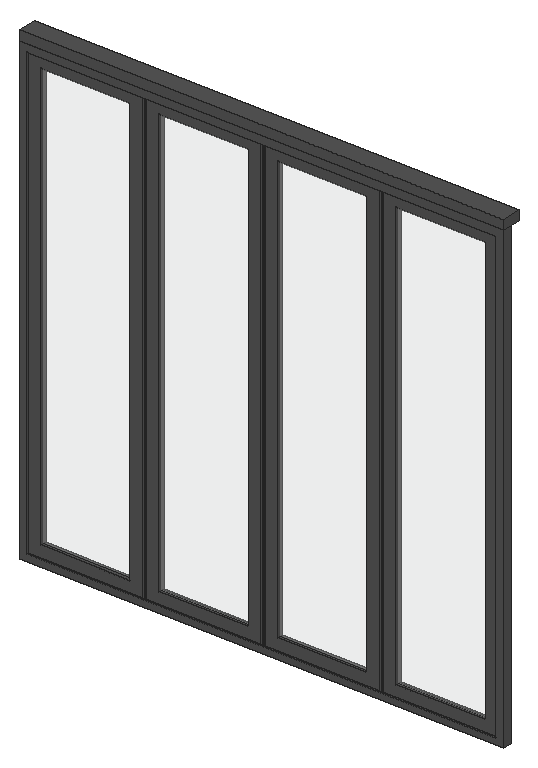
Revit family "Door_Fixed Panel_The Sliding Door Company_4-Panel Fixed (Open-Air)", category Doors, host Wall, Revit 2019
Family settings
  Host = Wall
  OmniClass Number = 23.30.10.00
  OmniClass Title = Doors
  Always vertical = Yes
  Cut with Voids When Loaded = No
  Shared = No
  Room Calculation Point = No
Parameters (values of type "4 Fixed Panels with 2x4 Beam (Open-Air)")
  URL = "https://www.slidingdoorco.com"
  Thickness = 1 1/4"  # constant formula
  Rough Width = Finished Opening or Order Width + 5/8" * 2  # 101 1/4"
  Rough Height = Finished Opening Height + 5/8"  # 96 5/8"
  Panel Width = (Width - 2") / 4  # 24 1/2"
  Panel Height = Height - 1 1/2"  # 94 1/2"
  Overall System Height = Finished Opening Height + 2"  # 98"
  Model = "Fixed Panel System (Open-Air)"  # constant formula
  Manufacturer = "The Sliding Door Company"  # constant formula
  Limitations = "Panel Width x System Height cannot exceed 7,400 square inches"  # constant formula
  Glass Thickness = "Available in: 5mm Tempered, 7mm,10mm,11mm Laminated Glass"  # constant formula
  Glass Material [instance] = TSDC - Glass - Clear
  Function = Interior
  Height = if(Finished Opening Height > 122", 122", Finished Opening Height)  # 96"
  Wall Closure = By host
  Width = if(Finished Opening or Order Width > 210", 210", Finished Opening or Order Width)  # 100"
  Stile and Rail = 3"
  Fire Rating = "N/A"  # constant formula
  Finished Opening or Order Width = 100"
  Finished Opening Height = 96"
  Door Casing Material [instance] = TSDC - Casing/Upper Track - Powder Coated Black
  Description = "4 Fixed Panel System"  # constant formula
  Contact The Sliding Door Company = "https://www.slidingdoorco.com/contact"
  Construction Type = "Fixed Panel System,Mounted to 2x4 Beam"  # constant formula
  Analytic Construction = "<None>"
  3" Frame (No Support Dividers) = "Max. H=122 in., Max. W=210 in. (52 in. panel width)"  # constant formula
  1 1/2" Frame (No Support Dividers) = "Max. H=108 in., Max. W=202 in. (50 in. panel width)"  # constant formula
Reference planes (in)
  plane 1 "Center (Front/Back)": y = 0
  plane 2 "Center (Left/Right)": x = 0
  plane 3 "Top": z = 96
  plane 4 "Exterior": y = 6
  plane 5 "Interior": y = -6
  plane 6 "2": z = 94.375
  plane 7 "3": z = 95.25
  plane 8: y = -0.67851
  plane 9: x = -50
  plane 10: x = 50
  plane 11: x = 49
  plane 12: x = -49
  plane 13: x = -24.5
  plane 14: x = 24.5
  plane 15 "4": z = 98
  plane 16: z = 0.75
Forms (in)
  Extrusion 1, solid, material "TSDC - Casing/Upper Track - Powder Coated Black" <- "Door Casing Material"
    sketch origin (40.75888, -1.3998, 0) x (-1, 0, 0) y (0, 0, -1)
      loop
        line (89.75888, -95.25) -> (89.75888, -0.75) -> (65.25888, -0.75) -> (65.25888, -95.25) -> (89.75888, -95.25)
      loop
        line (86.75888, -92.25) -> (86.75888, -3.75) -> (68.25888, -3.75) -> (68.25888, -92.25) -> (86.75888, -92.25)
    from 3 to 4.25
  Extrusion 2, solid, material "TSDC - Glass - Clear" <- "Glass Material"
    sketch origin (40.75888, -1.8998, 0) x (-1, 0, 0) y (0, 0, -1)
      loop
        line (86.75888, -92.25) -> (86.75888, -3.75) -> (68.25888, -3.75) -> (68.25888, -92.25) -> (86.75888, -92.25)
    from 3 to 3.25
  Extrusion 3, solid, material "TSDC - Casing/Upper Track - Powder Coated Black" <- "Door Casing Material"
    sketch origin (15.93339, -2.06132, 0) x (1, 0, 0) y (0, 1, 0)
      loop
        line (-40.52714, -3.58848) -> (-40.80839, -3.58848) -> (-40.80839, -3.62754) -> (-40.05839, -3.62754) -> (-40.05839, -3.58848) -> (-40.33964, -3.58848) -> (-40.33964, -2.33848) -> (-40.05839, -2.33848) -> (-40.05839, -2.29942) -> (-40.80839, -2.29942) -> (-40.80839, -2.33848) -> (-40.52714, -2.33848) -> (-40.52714, -3.58848)
    from 0.75 to 95.25
  Sweep 4, solid, material "TSDC - Casing/Upper Track - Powder Coated Black" <- "Door Casing Material"
    path origin (0, 0, 0) x (1, 0, 0) y (0, 0, 1)
      loop
        line (50, 96) -> (-50, 96) -> (-50, 0) -> (50, 0) -> (50, 96)
    profile origin (0, 0, 96) x (0, 0, -1) y (0, -1, 0)
      loop
        line (0, 6) -> (0, 4.0248) -> (1.5, 4.0248) -> (1.5, 4.36074) -> (0.0625, 4.36074) -> (0.0625, 5.68886) -> (1.5, 5.68886) -> (1.5, 6) -> (0, 6)
  Extrusion 5, solid, material "TSDC - Casing/Upper Track - Powder Coated Black" <- "Door Casing Material"
    sketch origin (79.75888, -1.3998, 0) x (-1, 0, 0) y (0, 0, -1)
      loop
        line (104.25888, -95.25) -> (104.25888, -0.75) -> (79.75888, -0.75) -> (79.75888, -95.25) -> (104.25888, -95.25)
      loop
        line (101.25888, -92.25) -> (101.25888, -3.75) -> (82.75888, -3.75) -> (82.75888, -92.25) -> (101.25888, -92.25)
    from 3 to 4.25
  Extrusion 6, solid, material "TSDC - Glass - Clear" <- "Glass Material"
    sketch origin (79.75888, -1.8998, 0) x (-1, 0, 0) y (0, 0, -1)
      loop
        line (101.25888, -92.25) -> (101.25888, -3.75) -> (82.75888, -3.75) -> (82.75888, -92.25) -> (101.25888, -92.25)
    from 3 to 3.25
  Extrusion 7, solid, material "TSDC - Casing/Upper Track - Powder Coated Black" <- "Door Casing Material"
    sketch origin (118.75888, -1.3998, 0) x (-1, 0, 0) y (0, 0, -1)
      loop
        line (118.75888, -95.25) -> (118.75888, -0.75) -> (94.25888, -0.75) -> (94.25888, -95.25) -> (118.75888, -95.25)
      loop
        line (115.75888, -92.25) -> (115.75888, -3.75) -> (97.25888, -3.75) -> (97.25888, -92.25) -> (115.75888, -92.25)
    from 3 to 4.25
  Extrusion 8, solid, material "TSDC - Glass - Clear" <- "Glass Material"
    sketch origin (118.75888, -1.8998, 0) x (-1, 0, 0) y (0, 0, -1)
      loop
        line (115.75888, -92.25) -> (115.75888, -3.75) -> (97.25888, -3.75) -> (97.25888, -92.25) -> (115.75888, -92.25)
    from 3 to 3.25
  Extrusion 9, solid, material "TSDC - Casing/Upper Track - Powder Coated Black" <- "Door Casing Material"
    sketch origin (157.75888, -1.3998, 0) x (-1, 0, 0) y (0, 0, -1)
      loop
        line (133.25888, -95.25) -> (133.25888, -0.75) -> (108.75888, -0.75) -> (108.75888, -95.25) -> (133.25888, -95.25)
      loop
        line (130.25888, -92.25) -> (130.25888, -3.75) -> (111.75888, -3.75) -> (111.75888, -92.25) -> (130.25888, -92.25)
    from 3 to 4.25
  Extrusion 10, solid, material "TSDC - Glass - Clear" <- "Glass Material"
    sketch origin (157.75888, -1.8998, 0) x (-1, 0, 0) y (0, 0, -1)
      loop
        line (130.25888, -92.25) -> (130.25888, -3.75) -> (111.75888, -3.75) -> (111.75888, -92.25) -> (130.25888, -92.25)
    from 3 to 3.25
  Extrusion 11, solid, material "TSDC - Casing/Upper Track - Powder Coated Black" <- "Door Casing Material"
    sketch origin (0, 0, 0) x (0, 1, 0) y (0, 0, 1)
      loop
        line (-6, 98) -> (-6, 96) -> (-2, 96) -> (-2, 98) -> (-6, 98)
    from -50 to 50
  Extrusion 12, solid, material "TSDC - Casing/Upper Track - Powder Coated Black" <- "Door Casing Material"
    sketch origin (67.93339, -2.06132, 0) x (1, 0, 0) y (0, 1, 0)
      loop
        line (-68.02714, -3.58848) -> (-68.30839, -3.58848) -> (-68.30839, -3.62754) -> (-67.55839, -3.62754) -> (-67.55839, -3.58848) -> (-67.83964, -3.58848) -> (-67.83964, -2.33848) -> (-67.55839, -2.33848) -> (-67.55839, -2.29942) -> (-68.30839, -2.29942) -> (-68.30839, -2.33848) -> (-68.02714, -2.33848) -> (-68.02714, -3.58848)
    from 0.75 to 95.25
  Extrusion 13, solid, material "TSDC - Casing/Upper Track - Powder Coated Black" <- "Door Casing Material"
    sketch origin (119.93339, -2.06132, 0) x (1, 0, 0) y (0, 1, 0)
      loop
        line (-95.52714, -3.58848) -> (-95.80839, -3.58848) -> (-95.80839, -3.62754) -> (-95.05839, -3.62754) -> (-95.05839, -3.58848) -> (-95.33964, -3.58848) -> (-95.33964, -2.33848) -> (-95.05839, -2.33848) -> (-95.05839, -2.29942) -> (-95.80839, -2.29942) -> (-95.80839, -2.33848) -> (-95.52714, -2.33848) -> (-95.52714, -3.58848)
    from 0.75 to 95.25
Lines and regions (in)
  Opening 1
    outline origin (-60, -6, 0) x (1, 0, 0) y (0, 0, 1)
      loop
        line (110, 0) -> (110, 98) -> (10, 98) -> (10, 0) -> (110, 0)
  model lines, not visible
    curve 1: line (-29.8125, -2.71348, 0) -> (-29.8125, -1.28652, 0)
    curve 2: line (-28.3125, -3, 0) -> (-29.8125, -3, 0)
    curve 3: line (-29.23047, -1.28652, 0) -> (-29.8125, -1.28652, 0)
    curve 4: line (-29.75, -2.65098, 0) -> (-29.75, -1.34902, 0)
    curve 5: line (-29.23047, -1.07167, 0) -> (-29.23047, -1.28652, 0)
    curve 6: line (-29.16797, -1.07167, 0) -> (-29.23047, -1.07167, 0)
    curve 7: line (-29.16797, -1.28652, 0) -> (-29.16797, -1.07167, 0)
    curve 8: line (-28.42188, -1.07167, 0) -> (-28.42188, -1.28652, 0)
    curve 9: line (-28.35938, -1.34902, 0) -> (-28.35938, -1.07167, 0)
    curve 10: line (-28.42188, -1.28652, 0) -> (-29.16797, -1.28652, 0)
    curve 11: line (-28.35938, -1.07167, 0) -> (-28.42188, -1.07167, 0)
    curve 12: line (-28.35938, -1.34902, 0) -> (-29.75, -1.34902, 0)
    curve 13: line (-29.23047, -2.71348, 0) -> (-29.8125, -2.71348, 0)
    curve 14: line (-29.23047, -2.92833, 0) -> (-29.23047, -2.71348, 0)
    curve 15: line (-29.16797, -2.92833, 0) -> (-29.23047, -2.92833, 0)
    curve 16: line (-29.16797, -2.71348, 0) -> (-29.16797, -2.92833, 0)
    curve 17: line (-28.42188, -2.92833, 0) -> (-28.42188, -2.71348, 0)
    curve 18: line (-28.35938, -2.65098, 0) -> (-28.35938, -2.92833, 0)
    curve 19: line (-28.42188, -2.71348, 0) -> (-29.16797, -2.71348, 0)
    curve 20: line (-28.35938, -2.92833, 0) -> (-28.42188, -2.92833, 0)
    curve 21: line (-28.35938, -2.65098, 0) -> (-29.75, -2.65098, 0)
    curve 22: line (-28.3125, -1.0248, 0) -> (-29.8125, -1.0248, 0)
    curve 23: line (-29.8125, -1.0248, 0) -> (-29.8125, -1.2748, 0)
    curve 24: line (-29.8125, -1.2748, 0) -> (29.8125, -1.2748, 0)
    curve 25: line (-29.77734, -1.2748, 0) -> (-29.77734, -1.05996, 0)
    curve 26: line (-29.24219, -1.2748, 0) -> (-29.24219, -1.05996, 0)
    curve 27: line (-29.27734, -1.05996, 0) -> (-29.27734, -1.2748, 0)
    curve 28: line (-29.77734, -1.05996, 0) -> (-28.34766, -1.05996, 0)
    curve 29: line (-28.34766, -1.05996, 0) -> (-28.34766, -1.34902, 0)
    curve 30: line (-28.3125, -1.34902, 0) -> (-28.3125, -1.0248, 0)
    curve 31: line (-28.34766, -1.34902, 0) -> (-28.3125, -1.34902, 0)
Text (in)
  text "Exterior" at (-165.54235, 27.31104, 0), in view "Ref. Level"
  text "Interior" at (-165.54235, -25.14366, 0), in view "Ref. Level"
  text "Exterior" at (0, 40.15149, 123.01588), in view "Right"
  text "Interior" at (0, -64.39139, 123.01588), in view "Right"
  text "Interior" at (0, -31.01599, 123.00693), in view "Left"
  text "Exterior" at (0, 54.57065, 123.00693), in view "Left"
Dimensions and locks (in)
  "Height": level to plane 3 "Top"
  locked: plane 6 "2" to plane 3 "Top" at 1.625
  locked: plane 7 "3" to plane 3 "Top" at 0.75
  "Stile and Rail": Extrusion 1 to Extrusion 1  (x4)
  "Width": plane 9 to plane 10
  locked: plane 9 to plane 12 at 1
  locked: plane 11 to plane 10 at 1
  locked: Extrusion 1 to Extrusion 1 at 1.25
  Sweep 4 to Sweep 4 to Sweep 4 to Sweep 4 = 43/128" locked, 1 21/64" locked, 0.31114" locked
  equal spacing: plane 12, plane 13, plane 2 "Center (Left/Right)", plane 14, plane 11
  "Stile and Rail": Extrusion 5 to Extrusion 5  (x4)
  locked: Extrusion 5 to Extrusion 5 at 1.25
  "Stile and Rail": Extrusion 7 to Extrusion 7  (x4)
  locked: Extrusion 7 to Extrusion 7 at 1.25
  "Stile and Rail": Extrusion 9 to Extrusion 9  (x4)
  locked: Extrusion 9 to Extrusion 9 at 1.25
  plane 5 "Interior" to Extrusion 3 to Extrusion 3 to Extrusion 3 to Extrusion 3 = 0.31114" locked, 5/128" locked, 1 1/4" locked, 5/128" locked
  plane 5 "Interior" to Extrusion 9 to Extrusion 9 = 0.3502", 1 1/4" locked
  plane 5 "Interior" to Extrusion 1 to Extrusion 1 = 0.3502" locked, 1 1/4" locked
  plane 5 "Interior" to Extrusion 5 to Extrusion 5 = 0.3502" locked, 1 1/4" locked
  plane 5 "Interior" to Extrusion 7 to Extrusion 7 = 0.3502" locked, 1 1/4" locked
  plane 5 "Interior" to Extrusion 9 to Extrusion 9 = 0.3502" locked, 1 1/4" locked
  plane 5 "Interior" to Extrusion 10 to Extrusion 10 = 0.8502" locked, 1/4" locked
  plane 5 "Interior" to Extrusion 8 to Extrusion 8 = 0.8502" locked, 1/4" locked
  plane 5 "Interior" to Extrusion 6 to Extrusion 6 = 0.8502" locked, 1/4" locked
  plane 5 "Interior" to Extrusion 2 to Extrusion 2 = 0.8502" locked, 1/4" locked
  locked: plane 3 "Top" to plane 15 "4" at 2
  locked: Extrusion 11 to plane 5 "Interior" at 4
  Extrusion 12 to Extrusion 12 to Extrusion 12 to Extrusion 12 = 5/128" locked, 1 1/4" locked, 5/128" locked
  Extrusion 13 to Extrusion 13 to Extrusion 13 to Extrusion 13 = 5/128" locked, 1 1/4" locked, 5/128" locked
  aligned and locked: plane 4 "Exterior" to host wall
  aligned and locked: host wall to plane 5 "Interior"
  aligned and locked: Extrusion 3 to plane 7 "3"
  aligned and locked: plane 10 to Opening 1 sketch curve
  aligned and locked: Sweep 4 sketch curve to host wall
  aligned and locked: host wall to Sweep 4 sketch curve  (x2)
  aligned and locked: profile plane to Sweep 4 sketch curve
  aligned and locked: Extrusion 3 to Sweep 4 sketch curve
  aligned and locked: Sweep 4 sketch curve to Extrusion 3
  aligned and locked: Extrusion 2 to Extrusion 1  (x4)
  aligned and locked: Extrusion 6 to Extrusion 5  (x4)
  aligned and locked: Extrusion 8 to Extrusion 7  (x4)
  aligned and locked: Extrusion 10 to Extrusion 9  (x4)
  aligned and locked: plane 15 "4" to Extrusion 11 sketch curve
  aligned and locked: plane 5 "Interior" to Extrusion 11 sketch curve
  aligned and locked: plane 3 "Top" to Extrusion 11 sketch curve
  aligned and locked: plane 15 "4" to Opening 1 sketch curve
  aligned and locked: Extrusion 11 to host wall
  aligned and locked: host wall to Extrusion 11
  aligned and locked: Extrusion 13 to plane 7 "3"
  aligned and locked: Extrusion 12 to plane 7 "3"
  aligned and locked: Extrusion 11 to plane 9
  aligned and locked: Extrusion 1 to plane 16
  aligned and locked: Extrusion 3 to Extrusion 1
  aligned and locked: Extrusion 5 to Extrusion 1
  aligned and locked: Extrusion 12 to Extrusion 1
  aligned and locked: Extrusion 7 to Extrusion 1
  aligned and locked: Extrusion 13 to Extrusion 1
  aligned and locked: Extrusion 9 to Extrusion 1
Automatic sketch dimensions
  curve 24 to curve 1 = 0"
  curve 2 to curve 1 = 0"
  curve 22 to curve 28 = 9/256"
  curve 1 to curve 4 = 1/16"
  curve 4 to curve 14 = 133/256"
  curve 4 to curve 3 = 133/256"
  curve 3 to curve 10 = 1/16"
  curve 13 to curve 16 = 1/16"
  curve 16 to curve 19 = 191/256"
  curve 6 to curve 8 = 191/256"
  curve 17 to curve 18 = 1/16"
  curve 8 to curve 12 = 1/16"
  curve 18 to curve 2 = 3/64"
  curve 2 to curve 20 = 0.07167"
  curve 2 to curve 16 = 0.07167"
  curve 15 to curve 16 = 55/256"
  curve 14 to curve 16 = 0"
  curve 17 to curve 21 = 1/16"
  curve 18 to curve 12 = 1.30196"
  curve 9 to curve 10 = 1/16"
  curve 5 to curve 7 = 0"
  curve 1 to curve 24 = 3/256"
  curve 26 to curve 5 = 13/64"
  curve 8 to curve 11 = 55/256"
  curve 25 to curve 28 = 55/256"
  curve 25 to curve 22 = 9/256"
  curve 27 to curve 5 = 3/64"
  curve 26 to curve 5 = 3/256"
  curve 9 to curve 29 = 3/256"
  curve 28 to curve 31 = 9/256"
  curve 28 to curve 24 = 58 41/256"
  curve 9 to curve 30 = 0"
  Extrusion 1 sketch curve to plane 7 "3" = 0"
  Extrusion 1 sketch curve to plane 13 = 0"
  Extrusion 1 sketch curve to plane 12 = 0"
  Extrusion 1 sketch curve to plane 13 = 3"
  plane 12 to Extrusion 1 sketch curve = 3"
  plane 6 "2" to Extrusion 1 sketch curve = 2 1/8"
  Extrusion 2 sketch curve to plane 13 = 3"
  plane 12 to Extrusion 2 sketch curve = 3"
  plane 6 "2" to Extrusion 2 sketch curve = 2 1/8"
  Extrusion 3 sketch curve to plane 13 = 3/8"  (x2)
  Extrusion 3 sketch curve to plane 13 = 3/32"
  plane 13 to Extrusion 3 sketch curve = 3/32"
  Extrusion 3 sketch curve to Extrusion 3 sketch curve = 9/32"  (x2)
  Extrusion 3 sketch curve to host wall = 0.31114"
  Extrusion 3 sketch curve to Extrusion 3 sketch curve = 5/128"  (x3)
  Extrusion 3 sketch curve to Extrusion 3 sketch curve = 1 1/4"
  Extrusion 3 sketch curve to Extrusion 3 sketch curve = 0"
  Opening 1 sketch curve to level = 0"
  Opening 1 sketch curve to plane 9 = 0"
  Sweep 4 sketch curve to level = 0"
  Sweep 4 sketch curve to plane 3 "Top" = 0"
  Sweep 4 sketch curve to profile plane = 1/16"
  Sweep 4 sketch curve to Sweep 4 sketch curve = 1 7/16"
  Sweep 4 sketch curve to Sweep 4 sketch curve = 0"
  Sweep 4 sketch curve to Sweep 4 sketch curve = 43/128"
  Extrusion 5 sketch curve to plane 2 "Center (Left/Right)" = 0"
  Extrusion 5 sketch curve to plane 7 "3" = 0"
  Extrusion 5 sketch curve to plane 13 = 0"
  Extrusion 5 sketch curve to plane 2 "Center (Left/Right)" = 3"
  plane 13 to Extrusion 5 sketch curve = 3"
  plane 6 "2" to Extrusion 5 sketch curve = 2 1/8"
  Extrusion 6 sketch curve to plane 2 "Center (Left/Right)" = 3"
  plane 13 to Extrusion 6 sketch curve = 3"
  plane 6 "2" to Extrusion 6 sketch curve = 2 1/8"
  Extrusion 7 sketch curve to plane 7 "3" = 0"
  Extrusion 7 sketch curve to plane 14 = 0"
  Extrusion 7 sketch curve to plane 2 "Center (Left/Right)" = 0"
  Extrusion 7 sketch curve to plane 14 = 3"
  plane 2 "Center (Left/Right)" to Extrusion 7 sketch curve = 3"
  plane 6 "2" to Extrusion 7 sketch curve = 2 1/8"
  Extrusion 8 sketch curve to plane 14 = 3"
  plane 2 "Center (Left/Right)" to Extrusion 8 sketch curve = 3"
  plane 6 "2" to Extrusion 8 sketch curve = 2 1/8"
  Extrusion 9 sketch curve to plane 7 "3" = 0"
  Extrusion 9 sketch curve to plane 11 = 0"
  Extrusion 9 sketch curve to plane 14 = 0"
  Extrusion 9 sketch curve to plane 11 = 3"
  plane 14 to Extrusion 9 sketch curve = 3"
  plane 6 "2" to Extrusion 9 sketch curve = 2 1/8"
  Extrusion 10 sketch curve to plane 11 = 3"
  plane 14 to Extrusion 10 sketch curve = 3"
  plane 6 "2" to Extrusion 10 sketch curve = 2 1/8"
  plane 8 to Extrusion 11 sketch curve = 1.32149"
  Extrusion 12 sketch curve to plane 2 "Center (Left/Right)" = 3/8"  (x2)
  Extrusion 12 sketch curve to plane 2 "Center (Left/Right)" = 3/32"
  plane 2 "Center (Left/Right)" to Extrusion 12 sketch curve = 3/32"
  Extrusion 12 sketch curve to Extrusion 12 sketch curve = 9/32"  (x2)
  Extrusion 12 sketch curve to host wall = 0.31114"
  Extrusion 12 sketch curve to Extrusion 12 sketch curve = 5/128"  (x3)
  Extrusion 12 sketch curve to Extrusion 12 sketch curve = 1 1/4"
  Extrusion 12 sketch curve to Extrusion 12 sketch curve = 0"
  Extrusion 13 sketch curve to plane 14 = 3/8"  (x2)
  Extrusion 13 sketch curve to plane 14 = 3/32"
  plane 14 to Extrusion 13 sketch curve = 3/32"
  Extrusion 13 sketch curve to Extrusion 13 sketch curve = 9/32"  (x2)
  Extrusion 13 sketch curve to host wall = 0.31114"
  Extrusion 13 sketch curve to Extrusion 13 sketch curve = 5/128"  (x3)
  Extrusion 13 sketch curve to Extrusion 13 sketch curve = 1 1/4"
  Extrusion 13 sketch curve to Extrusion 13 sketch curve = 0"
  plane 16 to Extrusion 1 sketch curve = 3"
  Extrusion 1 sketch curve to plane 16 = 0"
  plane 16 to Extrusion 2 sketch curve = 3"
  plane 16 to Extrusion 5 sketch curve = 3"
  Extrusion 5 sketch curve to plane 16 = 0"
  plane 16 to Extrusion 6 sketch curve = 3"
  plane 16 to Extrusion 7 sketch curve = 3"
  Extrusion 7 sketch curve to plane 16 = 0"
  plane 16 to Extrusion 8 sketch curve = 3"
  plane 16 to Extrusion 9 sketch curve = 3"
  Extrusion 9 sketch curve to plane 16 = 0"
  plane 16 to Extrusion 10 sketch curve = 3"
